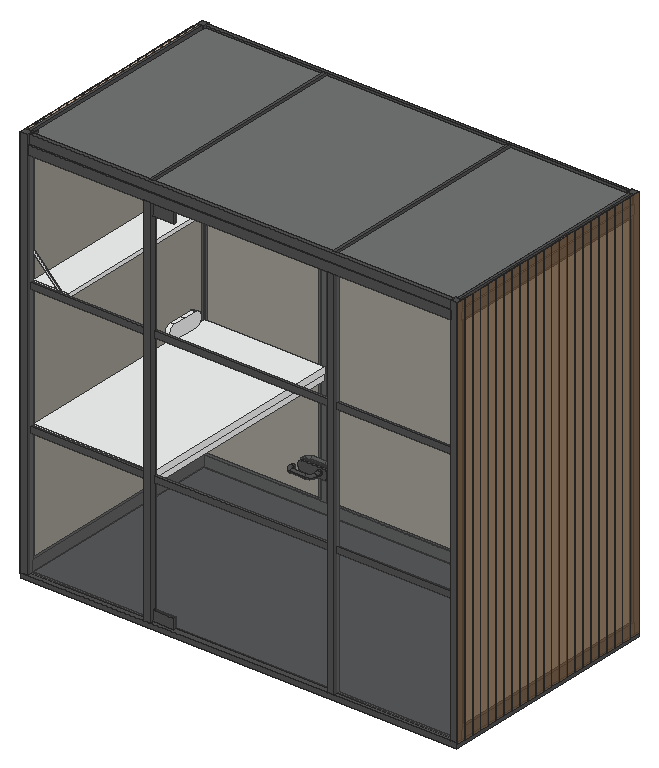
Revit family "BDG_BossDesign_MEWS_FP", category Furniture, Revit 2018 (continued)
Automatic sketch dimensions
  Extrusion 15 sketch curve to plane 6 = 0 mm
  Extrusion 15 sketch curve to plane 8 = 0 mm
  Extrusion 15 sketch curve to plane 13 = 0 mm
  Extrusion 16 sketch curve to plane 7 = 0 mm
  plane 11 to Extrusion 16 sketch curve = 0 mm
  Extrusion 16 sketch curve to plane 12 = 0 mm
  Extrusion 16 sketch curve to plane 13 = 0 mm
  Extrusion 17 sketch curve to plane 8 = 0 mm
  Extrusion 17 sketch curve to plane 10 = 0 mm
  Extrusion 17 sketch curve to plane 6 = 0 mm
  plane 9 to Extrusion 17 sketch curve = 0 mm
  Extrusion 18 sketch curve to plane 10 = 0 mm
  Extrusion 18 sketch curve to plane 6 = 0 mm
  Extrusion 18 sketch curve to plane 13 = 0 mm
  plane 11 to Extrusion 18 sketch curve = 0 mm
  Extrusion 19 sketch curve to plane 11 = 0 mm
  Extrusion 19 sketch curve to plane 28 = 0 mm
  Extrusion 19 sketch curve to plane 27 = 0 mm
  Extrusion 19 sketch curve to plane 13 = 0 mm
  plane 25 "kk" to Extrusion 19 sketch curve = 0 mm
  plane 26 "mm" to Extrusion 19 sketch curve = 0 mm
  plane 29 "nn" to Extrusion 19 sketch curve = 0 mm
  plane 15 "ii" to Extrusion 19 sketch curve = 0 mm
  plane 26 "mm" to Extrusion 20 sketch curve = 0 mm
  Extrusion 20 sketch curve to plane 28 = 0 mm
  Extrusion 20 sketch curve to plane 27 = 0 mm
  plane 29 "nn" to Extrusion 20 sketch curve = 0 mm
  Extrusion 21 sketch curve to plane 11 = 0 mm
  Extrusion 21 sketch curve to plane 28 = 0 mm
  Extrusion 21 sketch curve to plane 27 = 0 mm
  Extrusion 21 sketch curve to plane 13 = 0 mm
  plane 25 "kk" to Extrusion 21 sketch curve = 0 mm
  plane 26 "mm" to Extrusion 21 sketch curve = 0 mm
  plane 29 "nn" to Extrusion 21 sketch curve = 0 mm
  plane 15 "ii" to Extrusion 21 sketch curve = 0 mm
  plane 26 "mm" to Extrusion 22 sketch curve = 0 mm
  Extrusion 22 sketch curve to plane 28 = 0 mm
  Extrusion 22 sketch curve to plane 27 = 0 mm
  plane 29 "nn" to Extrusion 22 sketch curve = 0 mm
  Extrusion 23 sketch curve to plane 7 = 0 mm
  plane 11 to Extrusion 23 sketch curve = 0 mm
  Extrusion 23 sketch curve to plane 12 = 0 mm
  Extrusion 23 sketch curve to plane 13 = 0 mm
  Extrusion 24 sketch curve to plane 8 = 0 mm
  Extrusion 24 sketch curve to plane 41 = 0 mm
  Extrusion 24 sketch curve to plane 13 = 0 mm
  Extrusion 24 sketch curve to plane 40 = 0 mm
  Extrusion 25 sketch curve to plane 8 = 0 mm
  Extrusion 25 sketch curve to plane 38 = 0 mm
  Extrusion 25 sketch curve to plane 13 = 0 mm
  Extrusion 25 sketch curve to plane 39 = 0 mm
  plane 10 to Extrusion 26 sketch curve = 0 mm
  Extrusion 26 sketch curve to plane 29 "nn" = 0 mm
  plane 46 to Extrusion 26 sketch curve = 0 mm
  plane 42 to Extrusion 26 sketch curve = 0 mm
  Extrusion 26 sketch curve to plane 25 "kk" = 0 mm
  plane 40 to Extrusion 26 sketch curve = 0 mm
  Extrusion 26 sketch curve to plane 26 "mm" = 0 mm
  Extrusion 26 sketch curve to plane 15 "ii" = 0 mm
  Extrusion 27 sketch curve to plane 25 "kk" = 0 mm
  Extrusion 27 sketch curve to plane 39 = 0 mm
  Extrusion 27 sketch curve to plane 29 "nn" = 0 mm
  Extrusion 27 sketch curve to plane 44 = 0 mm
  plane 43 to Extrusion 27 sketch curve = 0 mm
  plane 41 to Extrusion 27 sketch curve = 0 mm
  Extrusion 27 sketch curve to plane 15 "ii" = 0 mm
  Extrusion 27 sketch curve to plane 26 "mm" = 0 mm
  Extrusion 28 sketch curve to plane 12 = 0 mm
  Extrusion 28 sketch curve to plane 29 "nn" = 0 mm
  Extrusion 28 sketch curve to plane 47 = 0 mm
  Extrusion 28 sketch curve to plane 45 = 0 mm
  Extrusion 28 sketch curve to plane 25 "kk" = 0 mm
  Extrusion 28 sketch curve to plane 38 = 0 mm
  Extrusion 28 sketch curve to plane 15 "ii" = 0 mm
  Extrusion 28 sketch curve to plane 26 "mm" = 0 mm
  Extrusion 29 sketch curve to plane 8 = 0 mm
  Extrusion 29 sketch curve to plane 12 = 0 mm
  Extrusion 29 sketch curve to plane 10 = 0 mm
  Extrusion 29 sketch curve to plane 13 = 0 mm
  plane 26 "mm" to Extrusion 30 sketch curve = 0 mm
  Extrusion 30 sketch curve to plane 49 = 0 mm
  plane 29 "nn" to Extrusion 30 sketch curve = 0 mm
  Extrusion 30 sketch curve to plane 51 = 0 mm
  plane 26 "mm" to Extrusion 31 sketch curve = 0 mm
  Extrusion 31 sketch curve to plane 49 = 0 mm
  plane 29 "nn" to Extrusion 31 sketch curve = 0 mm
  Extrusion 31 sketch curve to plane 51 = 0 mm
  plane 26 "mm" to Extrusion 32 sketch curve = 0 mm
  Extrusion 32 sketch curve to plane 49 = 0 mm
  plane 29 "nn" to Extrusion 32 sketch curve = 0 mm
  Extrusion 32 sketch curve to plane 51 = 0 mm
  Extrusion 33 sketch curve to plane 20 = 0 mm
  Extrusion 33 sketch curve to plane 46 = 6 mm
  plane 46 to Extrusion 33 sketch curve = 3 mm
  Extrusion 33 sketch curve to plane 28 = 5 mm
  plane 11 to Extrusion 57 sketch curve = 0 mm
  Extrusion 57 sketch curve to plane 41 = 0 mm
  plane 9 to Extrusion 57 sketch curve = 0 mm
  Extrusion 57 sketch curve to plane 40 = 0 mm
  plane 11 to Extrusion 58 sketch curve = 0 mm
  Extrusion 58 sketch curve to plane 38 = 0 mm
  plane 9 to Extrusion 58 sketch curve = 0 mm
  Extrusion 58 sketch curve to plane 39 = 0 mm
  Extrusion 59 sketch curve to plane 12 = 0 mm
  Extrusion 59 sketch curve to plane 38 = 0 mm
  Extrusion 59 sketch curve to plane 20 = 2.5 mm
  Extrusion 59 sketch curve to Extrusion 59 sketch curve = 6 mm
  Extrusion 60 sketch curve to plane 12 = 0 mm
  Extrusion 60 sketch curve to plane 38 = 0 mm
  Extrusion 60 sketch curve to plane 20 = 0 mm
  plane 19 to Extrusion 60 sketch curve = 4 mm
  Extrusion 61 sketch curve to plane 12 = 0 mm
  Extrusion 61 sketch curve to plane 38 = 0 mm
  Extrusion 61 sketch curve to plane 20 = 0 mm
  plane 19 to Extrusion 61 sketch curve = 4 mm
  Extrusion 62 sketch curve to plane 40 = 0 mm
  Extrusion 62 sketch curve to plane 10 = 0 mm
  Extrusion 62 sketch curve to plane 20 = 2.5 mm
  Extrusion 62 sketch curve to Extrusion 62 sketch curve = 6 mm
  Extrusion 63 sketch curve to plane 20 = 0 mm
  Extrusion 63 sketch curve to plane 40 = 0 mm
  Extrusion 63 sketch curve to plane 10 = 0 mm
  plane 19 to Extrusion 63 sketch curve = 4 mm
  Extrusion 64 sketch curve to plane 40 = 0 mm
  Extrusion 64 sketch curve to plane 10 = 0 mm
  Extrusion 64 sketch curve to plane 20 = 0 mm
  plane 19 to Extrusion 64 sketch curve = 4 mm
  Extrusion 65 sketch curve to plane 6 = 0 mm
  Extrusion 65 sketch curve to plane 28 = 7.5 mm
  plane 6 to Extrusion 65 sketch curve = 5 mm
  Extrusion 65 sketch curve to Extrusion 65 sketch curve = 50 mm
  Extrusion 65 sketch curve to Extrusion 65 sketch curve = 5 mm
  Extrusion 65 sketch curve to Extrusion 65 sketch curve = 4 mm
  plane 9 to Extrusion 66 sketch curve = 0 mm
  Extrusion 66 sketch curve to plane 6 = 0 mm
  Extrusion 66 sketch curve to plane 28 = 2.5 mm
  Extrusion 66 sketch curve to Extrusion 66 sketch curve = 5 mm  (x2)
  Extrusion 66 sketch curve to Extrusion 66 sketch curve = 4 mm
  Extrusion 67 sketch curve to plane 6 = 0 mm
  plane 6 to Extrusion 67 sketch curve = 5 mm
  Extrusion 67 sketch curve to plane 28 = 62.5 mm
  Extrusion 67 sketch curve to Extrusion 67 sketch curve = 50 mm
  Extrusion 67 sketch curve to Extrusion 67 sketch curve = 5 mm
  Extrusion 67 sketch curve to Extrusion 67 sketch curve = 4 mm
  Extrusion 68 sketch curve to plane 6 = 0 mm
  plane 6 to Extrusion 68 sketch curve = 5 mm
  Extrusion 68 sketch curve to plane 28 = 117.5 mm
  Extrusion 68 sketch curve to Extrusion 68 sketch curve = 50 mm
  Extrusion 68 sketch curve to Extrusion 68 sketch curve = 5 mm
  Extrusion 68 sketch curve to Extrusion 68 sketch curve = 4 mm
  Extrusion 69 sketch curve to plane 6 = 0 mm
  plane 6 to Extrusion 69 sketch curve = 5 mm
  Extrusion 69 sketch curve to plane 28 = 172.5 mm
  Extrusion 69 sketch curve to Extrusion 69 sketch curve = 50 mm
  Extrusion 69 sketch curve to Extrusion 69 sketch curve = 5 mm
  Extrusion 69 sketch curve to Extrusion 69 sketch curve = 4 mm
  Extrusion 70 sketch curve to plane 6 = 0 mm
  plane 6 to Extrusion 70 sketch curve = 5 mm
  Extrusion 70 sketch curve to plane 28 = 227.5 mm
  Extrusion 70 sketch curve to Extrusion 70 sketch curve = 50 mm
  Extrusion 70 sketch curve to Extrusion 70 sketch curve = 5 mm
  Extrusion 70 sketch curve to Extrusion 70 sketch curve = 4 mm
  Extrusion 71 sketch curve to plane 6 = 0 mm
  plane 6 to Extrusion 71 sketch curve = 5 mm
  Extrusion 71 sketch curve to plane 28 = 282.5 mm
  Extrusion 71 sketch curve to Extrusion 71 sketch curve = 50 mm
  Extrusion 71 sketch curve to Extrusion 71 sketch curve = 5 mm
  Extrusion 71 sketch curve to Extrusion 71 sketch curve = 4 mm
  Extrusion 72 sketch curve to plane 6 = 0 mm
  plane 6 to Extrusion 72 sketch curve = 5 mm
  plane 1 "Back" to Extrusion 72 sketch curve = 250 mm
  Extrusion 72 sketch curve to Extrusion 72 sketch curve = 50 mm
  Extrusion 72 sketch curve to Extrusion 72 sketch curve = 5 mm
  Extrusion 72 sketch curve to Extrusion 72 sketch curve = 4 mm
  Extrusion 73 sketch curve to plane 6 = 0 mm
  plane 6 to Extrusion 73 sketch curve = 5 mm
  plane 1 "Back" to Extrusion 73 sketch curve = 195 mm
  Extrusion 73 sketch curve to Extrusion 73 sketch curve = 50 mm
  Extrusion 73 sketch curve to Extrusion 73 sketch curve = 5 mm
  Extrusion 73 sketch curve to Extrusion 73 sketch curve = 4 mm
  Extrusion 74 sketch curve to plane 6 = 0 mm
  plane 6 to Extrusion 74 sketch curve = 5 mm
  plane 1 "Back" to Extrusion 74 sketch curve = 140 mm
  Extrusion 74 sketch curve to Extrusion 74 sketch curve = 50 mm
  Extrusion 74 sketch curve to Extrusion 74 sketch curve = 5 mm
  Extrusion 74 sketch curve to Extrusion 74 sketch curve = 4 mm
  Extrusion 75 sketch curve to plane 6 = 0 mm
  plane 6 to Extrusion 75 sketch curve = 5 mm
  plane 1 "Back" to Extrusion 75 sketch curve = 85 mm
  plane 1 "Back" to Extrusion 75 sketch curve = 35 mm
  Extrusion 75 sketch curve to Extrusion 75 sketch curve = 5 mm
  Extrusion 75 sketch curve to Extrusion 75 sketch curve = 4 mm
  Extrusion 76 sketch curve to plane 6 = 0 mm
  plane 6 to Extrusion 76 sketch curve = 5 mm
  plane 1 "Back" to Extrusion 76 sketch curve = 30 mm
  Extrusion 76 sketch curve to plane 1 "Back" = 20 mm
  Extrusion 76 sketch curve to Extrusion 76 sketch curve = 5 mm
  Extrusion 76 sketch curve to Extrusion 76 sketch curve = 4 mm
  Extrusion 77 sketch curve to plane 6 = 0 mm
  plane 6 to Extrusion 77 sketch curve = 5 mm
  Extrusion 77 sketch curve to plane 1 "Back" = 25 mm
  Extrusion 77 sketch curve to Extrusion 77 sketch curve = 50 mm
  Extrusion 77 sketch curve to Extrusion 77 sketch curve = 5 mm
  Extrusion 77 sketch curve to Extrusion 77 sketch curve = 4 mm
  Extrusion 78 sketch curve to plane 6 = 0 mm
  plane 6 to Extrusion 78 sketch curve = 5 mm
  Extrusion 78 sketch curve to plane 1 "Back" = 80 mm
  Extrusion 78 sketch curve to Extrusion 78 sketch curve = 50 mm
  Extrusion 78 sketch curve to Extrusion 78 sketch curve = 5 mm
  Extrusion 78 sketch curve to Extrusion 78 sketch curve = 4 mm
  Extrusion 79 sketch curve to plane 6 = 0 mm
  plane 6 to Extrusion 79 sketch curve = 5 mm
  Extrusion 79 sketch curve to plane 1 "Back" = 135 mm
  Extrusion 79 sketch curve to Extrusion 79 sketch curve = 50 mm
  Extrusion 79 sketch curve to Extrusion 79 sketch curve = 5 mm
  Extrusion 79 sketch curve to Extrusion 79 sketch curve = 4 mm
  Extrusion 80 sketch curve to plane 6 = 0 mm
  plane 6 to Extrusion 80 sketch curve = 5 mm
  Extrusion 80 sketch curve to plane 1 "Back" = 190 mm
  Extrusion 80 sketch curve to Extrusion 80 sketch curve = 50 mm
  Extrusion 80 sketch curve to Extrusion 80 sketch curve = 5 mm
  Extrusion 80 sketch curve to Extrusion 80 sketch curve = 4 mm
  Extrusion 81 sketch curve to plane 6 = 0 mm
  plane 6 to Extrusion 81 sketch curve = 5 mm
  Extrusion 81 sketch curve to plane 1 "Back" = 245 mm
  Extrusion 81 sketch curve to Extrusion 81 sketch curve = 50 mm
  Extrusion 81 sketch curve to Extrusion 81 sketch curve = 5 mm
  Extrusion 81 sketch curve to Extrusion 81 sketch curve = 4 mm
  Extrusion 82 sketch curve to plane 6 = 0 mm
  plane 6 to Extrusion 82 sketch curve = 5 mm
  Extrusion 82 sketch curve to plane 52 = 262.5 mm
  Extrusion 82 sketch curve to Extrusion 82 sketch curve = 50 mm
  Extrusion 82 sketch curve to Extrusion 82 sketch curve = 5 mm
  plane 6 to Extrusion 82 sketch curve = 4 mm
  Extrusion 83 sketch curve to plane 6 = 0 mm
  plane 6 to Extrusion 83 sketch curve = 5 mm
  Extrusion 83 sketch curve to plane 52 = 207.5 mm
  Extrusion 83 sketch curve to Extrusion 83 sketch curve = 50 mm
  Extrusion 83 sketch curve to Extrusion 83 sketch curve = 5 mm
  plane 6 to Extrusion 83 sketch curve = 4 mm
  Extrusion 84 sketch curve to plane 6 = 0 mm
  plane 6 to Extrusion 84 sketch curve = 5 mm
  Extrusion 84 sketch curve to plane 52 = 152.5 mm
  Extrusion 84 sketch curve to Extrusion 84 sketch curve = 50 mm
  Extrusion 84 sketch curve to Extrusion 84 sketch curve = 5 mm
  plane 6 to Extrusion 84 sketch curve = 4 mm
  Extrusion 85 sketch curve to plane 6 = 0 mm
  plane 6 to Extrusion 85 sketch curve = 5 mm
  Extrusion 85 sketch curve to plane 52 = 97.5 mm
  Extrusion 85 sketch curve to plane 52 = 47.5 mm
  Extrusion 85 sketch curve to Extrusion 85 sketch curve = 5 mm
  plane 6 to Extrusion 85 sketch curve = 4 mm
  Extrusion 86 sketch curve to plane 6 = 0 mm
  Extrusion 86 sketch curve to plane 8 = 0 mm
  Extrusion 86 sketch curve to plane 27 = 12.5 mm
  plane 6 to Extrusion 86 sketch curve = 5 mm
  Extrusion 87 sketch curve to plane 6 = 0 mm
  plane 6 to Extrusion 87 sketch curve = 5 mm
  Extrusion 87 sketch curve to plane 52 = 42.5 mm
  plane 52 to Extrusion 87 sketch curve = 7.5 mm
  Extrusion 87 sketch curve to Extrusion 87 sketch curve = 5 mm
  plane 6 to Extrusion 87 sketch curve = 4 mm
  Extrusion 88 sketch curve to plane 7 = 0 mm
  Extrusion 88 sketch curve to plane 28 = 7.5 mm
  plane 7 to Extrusion 88 sketch curve = 5 mm
  Extrusion 88 sketch curve to Extrusion 88 sketch curve = 50 mm
  Extrusion 88 sketch curve to Extrusion 88 sketch curve = 5 mm
  Extrusion 88 sketch curve to Extrusion 88 sketch curve = 4 mm
  plane 9 to Extrusion 89 sketch curve = 0 mm
  Extrusion 89 sketch curve to plane 7 = 0 mm
  Extrusion 89 sketch curve to plane 28 = 2.5 mm
  Extrusion 89 sketch curve to Extrusion 89 sketch curve = 5 mm
  plane 7 to Extrusion 89 sketch curve = 4 mm
  Extrusion 89 sketch curve to Extrusion 89 sketch curve = 1 mm
  Extrusion 90 sketch curve to plane 7 = 0 mm
  plane 7 to Extrusion 90 sketch curve = 5 mm
  Extrusion 90 sketch curve to plane 28 = 62.5 mm
  Extrusion 90 sketch curve to Extrusion 90 sketch curve = 50 mm
  Extrusion 90 sketch curve to Extrusion 90 sketch curve = 5 mm
  Extrusion 90 sketch curve to Extrusion 90 sketch curve = 4 mm
  Extrusion 91 sketch curve to plane 7 = 0 mm
  plane 7 to Extrusion 91 sketch curve = 5 mm
  Extrusion 91 sketch curve to plane 28 = 117.5 mm
  Extrusion 91 sketch curve to Extrusion 91 sketch curve = 50 mm
  Extrusion 91 sketch curve to Extrusion 91 sketch curve = 5 mm
  Extrusion 91 sketch curve to Extrusion 91 sketch curve = 4 mm
  Extrusion 92 sketch curve to plane 7 = 0 mm
  plane 7 to Extrusion 92 sketch curve = 5 mm
  Extrusion 92 sketch curve to plane 28 = 172.5 mm
  Extrusion 92 sketch curve to Extrusion 92 sketch curve = 50 mm
  Extrusion 92 sketch curve to Extrusion 92 sketch curve = 5 mm
  Extrusion 92 sketch curve to Extrusion 92 sketch curve = 4 mm
  Extrusion 93 sketch curve to plane 7 = 0 mm
  plane 7 to Extrusion 93 sketch curve = 5 mm
  Extrusion 93 sketch curve to plane 28 = 227.5 mm
  Extrusion 93 sketch curve to Extrusion 93 sketch curve = 50 mm
  Extrusion 93 sketch curve to Extrusion 93 sketch curve = 5 mm
  Extrusion 93 sketch curve to Extrusion 93 sketch curve = 4 mm
  Extrusion 94 sketch curve to plane 7 = 0 mm
  plane 7 to Extrusion 94 sketch curve = 5 mm
  Extrusion 94 sketch curve to plane 28 = 282.5 mm
  Extrusion 94 sketch curve to Extrusion 94 sketch curve = 50 mm
  Extrusion 94 sketch curve to Extrusion 94 sketch curve = 5 mm
  Extrusion 94 sketch curve to Extrusion 94 sketch curve = 4 mm
  Extrusion 95 sketch curve to plane 7 = 0 mm
  plane 7 to Extrusion 95 sketch curve = 5 mm
  plane 1 "Back" to Extrusion 95 sketch curve = 250 mm
  Extrusion 95 sketch curve to Extrusion 95 sketch curve = 50 mm
  Extrusion 95 sketch curve to Extrusion 95 sketch curve = 5 mm
  Extrusion 95 sketch curve to Extrusion 95 sketch curve = 4 mm
  Extrusion 96 sketch curve to plane 7 = 0 mm
  plane 7 to Extrusion 96 sketch curve = 5 mm
  plane 1 "Back" to Extrusion 96 sketch curve = 195 mm
  Extrusion 96 sketch curve to Extrusion 96 sketch curve = 50 mm
  Extrusion 96 sketch curve to Extrusion 96 sketch curve = 5 mm
  Extrusion 96 sketch curve to Extrusion 96 sketch curve = 4 mm
  Extrusion 97 sketch curve to plane 7 = 0 mm
  plane 7 to Extrusion 97 sketch curve = 5 mm
  plane 1 "Back" to Extrusion 97 sketch curve = 140 mm
  Extrusion 97 sketch curve to Extrusion 97 sketch curve = 50 mm
  Extrusion 97 sketch curve to Extrusion 97 sketch curve = 5 mm
  Extrusion 97 sketch curve to Extrusion 97 sketch curve = 4 mm
  Extrusion 98 sketch curve to plane 7 = 0 mm
  plane 7 to Extrusion 98 sketch curve = 5 mm
  plane 1 "Back" to Extrusion 98 sketch curve = 85 mm
  plane 1 "Back" to Extrusion 98 sketch curve = 35 mm
  Extrusion 98 sketch curve to Extrusion 98 sketch curve = 5 mm
  Extrusion 98 sketch curve to Extrusion 98 sketch curve = 4 mm
  Extrusion 99 sketch curve to plane 7 = 0 mm
  plane 7 to Extrusion 99 sketch curve = 5 mm
  plane 1 "Back" to Extrusion 99 sketch curve = 30 mm
  Extrusion 99 sketch curve to plane 1 "Back" = 20 mm
  Extrusion 99 sketch curve to Extrusion 99 sketch curve = 5 mm
  Extrusion 99 sketch curve to Extrusion 99 sketch curve = 4 mm
  Extrusion 100 sketch curve to plane 7 = 0 mm
  plane 7 to Extrusion 100 sketch curve = 5 mm
  Extrusion 100 sketch curve to plane 1 "Back" = 25 mm
  Extrusion 100 sketch curve to Extrusion 100 sketch curve = 50 mm
  Extrusion 100 sketch curve to Extrusion 100 sketch curve = 5 mm
  Extrusion 100 sketch curve to Extrusion 100 sketch curve = 4 mm
  Extrusion 101 sketch curve to plane 7 = 0 mm
  plane 7 to Extrusion 101 sketch curve = 5 mm
  Extrusion 101 sketch curve to plane 1 "Back" = 80 mm
  Extrusion 101 sketch curve to Extrusion 101 sketch curve = 50 mm
  Extrusion 101 sketch curve to Extrusion 101 sketch curve = 5 mm
  Extrusion 101 sketch curve to Extrusion 101 sketch curve = 4 mm
  Extrusion 102 sketch curve to plane 7 = 0 mm
  plane 7 to Extrusion 102 sketch curve = 5 mm
  Extrusion 102 sketch curve to plane 1 "Back" = 135 mm
  Extrusion 102 sketch curve to Extrusion 102 sketch curve = 50 mm
  Extrusion 102 sketch curve to Extrusion 102 sketch curve = 5 mm
  Extrusion 102 sketch curve to Extrusion 102 sketch curve = 4 mm
  Extrusion 103 sketch curve to plane 7 = 0 mm
  plane 7 to Extrusion 103 sketch curve = 5 mm
  Extrusion 103 sketch curve to plane 1 "Back" = 190 mm
  Extrusion 103 sketch curve to Extrusion 103 sketch curve = 50 mm
  Extrusion 103 sketch curve to Extrusion 103 sketch curve = 5 mm
  Extrusion 103 sketch curve to Extrusion 103 sketch curve = 4 mm
  Extrusion 104 sketch curve to plane 7 = 0 mm
  plane 7 to Extrusion 104 sketch curve = 5 mm
  Extrusion 104 sketch curve to plane 1 "Back" = 245 mm
  Extrusion 104 sketch curve to Extrusion 104 sketch curve = 50 mm
  Extrusion 104 sketch curve to Extrusion 104 sketch curve = 5 mm
  Extrusion 104 sketch curve to Extrusion 104 sketch curve = 4 mm
  Extrusion 105 sketch curve to plane 7 = 0 mm
  plane 7 to Extrusion 105 sketch curve = 5 mm
  Extrusion 105 sketch curve to plane 52 = 262.5 mm
  Extrusion 105 sketch curve to Extrusion 105 sketch curve = 50 mm
  Extrusion 105 sketch curve to Extrusion 105 sketch curve = 5 mm
  Extrusion 105 sketch curve to Extrusion 105 sketch curve = 4 mm
  Extrusion 106 sketch curve to plane 7 = 0 mm
  plane 7 to Extrusion 106 sketch curve = 5 mm
  Extrusion 106 sketch curve to plane 52 = 207.5 mm
  Extrusion 106 sketch curve to Extrusion 106 sketch curve = 50 mm
  Extrusion 106 sketch curve to Extrusion 106 sketch curve = 5 mm
  Extrusion 106 sketch curve to Extrusion 106 sketch curve = 4 mm
  Extrusion 107 sketch curve to plane 7 = 0 mm
  plane 7 to Extrusion 107 sketch curve = 5 mm
  Extrusion 107 sketch curve to plane 52 = 152.5 mm
  Extrusion 107 sketch curve to Extrusion 107 sketch curve = 50 mm
  Extrusion 107 sketch curve to Extrusion 107 sketch curve = 5 mm
  plane 7 to Extrusion 107 sketch curve = 4 mm
  Extrusion 108 sketch curve to plane 7 = 0 mm
  plane 7 to Extrusion 108 sketch curve = 5 mm
  Extrusion 108 sketch curve to plane 52 = 97.5 mm
  Extrusion 108 sketch curve to plane 52 = 47.5 mm
  Extrusion 108 sketch curve to Extrusion 108 sketch curve = 5 mm
  plane 7 to Extrusion 108 sketch curve = 4 mm
  Extrusion 109 sketch curve to plane 7 = 0 mm
  Extrusion 109 sketch curve to plane 8 = 0 mm
  Extrusion 109 sketch curve to plane 27 = 12.5 mm
  plane 7 to Extrusion 109 sketch curve = 5 mm
  Extrusion 110 sketch curve to plane 7 = 0 mm
  plane 7 to Extrusion 110 sketch curve = 5 mm
  Extrusion 110 sketch curve to plane 52 = 42.5 mm
  plane 52 to Extrusion 110 sketch curve = 7.5 mm
  Extrusion 110 sketch curve to Extrusion 110 sketch curve = 5 mm
  plane 7 to Extrusion 110 sketch curve = 4 mm
  Extrusion 111 sketch curve to plane 44 = 0 mm
  plane 53 to Extrusion 111 sketch curve = 4 mm
  Extrusion 111 sketch curve to plane 20 = 2.5 mm
  Extrusion 111 sketch curve to Extrusion 111 sketch curve = 6 mm
  Extrusion 112 sketch curve to plane 20 = 0 mm
  Extrusion 112 sketch curve to plane 44 = 0 mm
  plane 53 to Extrusion 112 sketch curve = 4 mm
  plane 19 to Extrusion 112 sketch curve = 4 mm
  Extrusion 113 sketch curve to plane 44 = 0 mm
  Extrusion 113 sketch curve to plane 20 = 0 mm
  plane 53 to Extrusion 113 sketch curve = 4 mm
  plane 19 to Extrusion 113 sketch curve = 4 mm
  Extrusion 114 sketch curve to plane 44 = 2.218 mm
  plane 54 to Extrusion 114 sketch curve = 2.991 mm
  plane 54 to Extrusion 114 sketch curve = 1.782 mm  (x2)
  Extrusion 114 sketch curve to plane 54 = 123.218 mm
  Extrusion 114 sketch curve to plane 55 "oo" = 350 mm
  Extrusion 114 sketch curve to Extrusion 114 sketch curve = 28 mm
  Extrusion 115 sketch curve to plane 44 = 2.218 mm
  plane 54 to Extrusion 115 sketch curve = 2.991 mm
  plane 54 to Extrusion 115 sketch curve = 1.782 mm  (x2)
  Extrusion 115 sketch curve to plane 54 = 123.218 mm
  Extrusion 115 sketch curve to plane 55 "oo" = 350 mm
  Extrusion 115 sketch curve to Extrusion 115 sketch curve = 28 mm
  Extrusion 116 sketch curve to plane 54 = 29.141 mm
  Extrusion 116 sketch curve to plane 55 "oo" = 378.652 mm
  Extrusion 117 sketch curve to plane 54 = 29.141 mm
  Extrusion 117 sketch curve to plane 55 "oo" = 378.652 mm
  Sweep 118 sketch curve to plane 54 = 29.141 mm
  Sweep 118 sketch curve to Sweep 118 sketch curve = 25 mm  (x2)
  plane 9 to Sweep 118 sketch curve = 31 mm
  Sweep 118 sketch curve to Sweep 118 sketch curve = 80 mm
  Sweep 118 sketch curve to Sweep 118 sketch curve = 13 mm
  Sweep 118 sketch curve to plane 9 = 2 mm
  profile plane to Sweep 118 sketch curve = 0 mm
  Sweep 118 sketch curve to profile plane = 0 mm
  Sweep 119 sketch curve to plane 28 = 17 mm  (x2)
  Sweep 119 sketch curve to plane 54 = 29.141 mm
  Sweep 119 sketch curve to Sweep 119 sketch curve = 25 mm
  Sweep 119 sketch curve to Sweep 119 sketch curve = 80 mm
  Sweep 119 sketch curve to plane 28 = 4 mm
  plane 20 to Sweep 119 sketch curve = 4 mm
  Sweep 119 sketch curve to profile plane = 0 mm  (x2)
  plane 11 to Extrusion 120 sketch curve = 0 mm
  Extrusion 120 sketch curve to plane 17 = 0 mm
  Extrusion 120 sketch curve to plane 10 = 0 mm
  Extrusion 120 sketch curve to plane 40 = 10 mm
  Extrusion 121 sketch curve to plane 17 = 0 mm
  Extrusion 121 sketch curve to plane 20 = 0 mm
  Extrusion 121 sketch curve to plane 38 = 10 mm
  plane 39 to Extrusion 121 sketch curve = 10 mm
  Extrusion 122 sketch curve to plane 17 = 0 mm
  Extrusion 122 sketch curve to plane 20 = 0 mm
  plane 41 to Extrusion 122 sketch curve = 10 mm
  Extrusion 122 sketch curve to plane 40 = 10 mm
  plane 11 to Extrusion 123 sketch curve = 0 mm
  Extrusion 123 sketch curve to plane 17 = 0 mm
  plane 39 to Extrusion 123 sketch curve = 10 mm
  plane 41 to Extrusion 123 sketch curve = 10 mm
  plane 11 to Extrusion 124 sketch curve = 0 mm
  Extrusion 124 sketch curve to plane 17 = 0 mm
  Extrusion 124 sketch curve to plane 12 = 0 mm
  Extrusion 124 sketch curve to plane 38 = 10 mm
  Extrusion 125 sketch curve to plane 15 "ii" = 0 mm
  Extrusion 125 sketch curve to plane 53 = 101 mm
  Extrusion 125 sketch curve to plane 41 = 5 mm
  plane 29 "nn" to Extrusion 125 sketch curve = 60 mm
  Extrusion 126 sketch curve to plane 15 "ii" = 0 mm
  Extrusion 126 sketch curve to plane 53 = 101 mm
  Extrusion 126 sketch curve to plane 41 = 5 mm
  plane 29 "nn" to Extrusion 126 sketch curve = 60 mm
  Extrusion 127 sketch curve to plane 25 "kk" = 0 mm
  Extrusion 127 sketch curve to plane 53 = 101 mm
  Extrusion 127 sketch curve to plane 41 = 5 mm
  Extrusion 127 sketch curve to plane 5 "cc" = 5 mm
  Extrusion 128 sketch curve to plane 25 "kk" = 0 mm
  Extrusion 128 sketch curve to plane 53 = 101 mm
  Extrusion 128 sketch curve to plane 41 = 5 mm
  Extrusion 128 sketch curve to plane 5 "cc" = 5 mm
  Extrusion 129 sketch curve to plane 10 = 0 mm
  Extrusion 129 sketch curve to plane 13 = 0 mm
  plane 11 to Extrusion 129 sketch curve = 0 mm
  plane 41 to Extrusion 129 sketch curve = 10 mm
  plane 11 to Extrusion 130 sketch curve = 0 mm
  Extrusion 130 sketch curve to plane 13 = 0 mm
  Extrusion 130 sketch curve to plane 40 = 5.5 mm
  plane 41 to Extrusion 130 sketch curve = 15 mm
  Extrusion 131 sketch curve to Extrusion 131 sketch curve = 0 mm  (x4)
  Extrusion 131 sketch curve to plane 52 = 56 mm
  Extrusion 131 sketch curve to plane 55 "oo" = 41.776 mm
  Extrusion 131 sketch curve to Extrusion 131 sketch curve = 70 mm  (x3)
  Extrusion 131 sketch curve to Extrusion 131 sketch curve = 40 mm  (x2)
  Extrusion 132 sketch curve to plane 10 = 0 mm
  Extrusion 132 sketch curve to plane 13 = 0 mm
  plane 11 to Extrusion 132 sketch curve = 0 mm
  Extrusion 132 sketch curve to plane 46 = 190 mm
  plane 10 to Extrusion 133 sketch curve = 0 mm
  Extrusion 133 sketch curve to plane 46 = 130 mm
  Extrusion 133 sketch curve to Extrusion 133 sketch curve = 21.213 mm  (x2)
  plane 29 "nn" to Extrusion 133 sketch curve = 633 mm
  Extrusion 133 sketch curve to Extrusion 133 sketch curve = 140 mm
  plane 10 to Extrusion 134 sketch curve = 0 mm
  Extrusion 134 sketch curve to plane 46 = 130 mm
  Extrusion 134 sketch curve to Extrusion 134 sketch curve = 21.213 mm  (x2)
  plane 29 "nn" to Extrusion 134 sketch curve = 471.787 mm
  Extrusion 134 sketch curve to Extrusion 134 sketch curve = 140 mm
  Extrusion 135 sketch curve to plane 12 = 0 mm
  Extrusion 135 sketch curve to plane 13 = 0 mm
  Extrusion 135 sketch curve to plane 47 = 190 mm
  Extrusion 135 sketch curve to plane 1 "Back" = 147.5 mm
  Extrusion 136 sketch curve to plane 12 = 0 mm
  Extrusion 136 sketch curve to plane 47 = 5 mm
  Extrusion 136 sketch curve to Extrusion 136 sketch curve = 110 mm  (x2)
  Extrusion 136 sketch curve to Extrusion 136 sketch curve = 36.213 mm  (x2)
  Extrusion 136 sketch curve to plane 55 "oo" = 268.787 mm
  Extrusion 136 sketch curve to Extrusion 136 sketch curve = 15 mm
  Extrusion 137 sketch curve to plane 12 = 0 mm
  Extrusion 137 sketch curve to plane 47 = 5 mm
  Extrusion 137 sketch curve to Extrusion 137 sketch curve = 110 mm  (x2)
  Extrusion 137 sketch curve to Extrusion 137 sketch curve = 36.213 mm  (x2)
  Extrusion 137 sketch curve to plane 55 "oo" = 268.787 mm
  Extrusion 137 sketch curve to Extrusion 137 sketch curve = 15 mm
  radius of Extrusion 116 sketch curve = 12.5 mm
  radius of Extrusion 117 sketch curve = 12.5 mm
  radius of Sweep 118 sketch curve = 10 mm
  radius of Sweep 119 sketch curve = 10 mm
